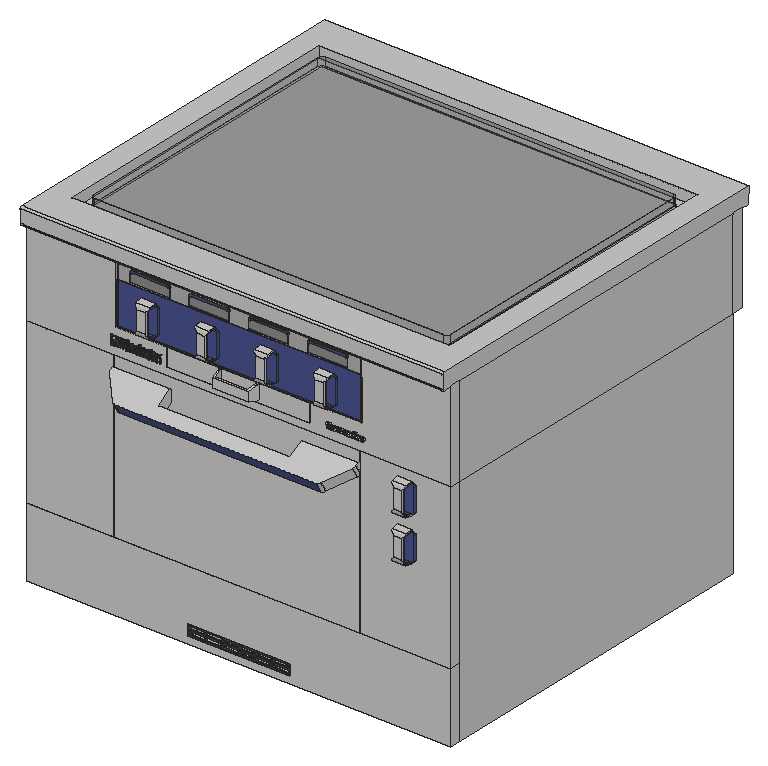
Revit family "QF_ELECTROLUXPROFESSIONAL_589655_MCLLFAJ8AO", category Attrezzature speciali, Revit 2020 (continued)
Definition of nested family "Front_Panel_W1000_Four Knobs"
  Definition of nested family "ELX_Professional_Logo_Small"
    Forms (mm)
      Extrusion 2, solid, material <- "Material_Logo"
        sketch origin (15.5, 0, 0) x (1, 0, 0) y (0, 1, 0)
          loop
            spline (-21.915, 1.897) -> (-21.957, 2.615) -> (-22.082, 3.303) -> (-22.285, 3.955) -> (-22.563, 4.564) -> (-22.913, 5.124) -> (-23.331, 5.629) -> (-23.814, 6.074) -> (-24.359, 6.451) -> (-24.961, 6.755) -> (-25.618, 6.98) -> (-26.326, 7.119) -> (-27.081, 7.167)
            spline (-27.081, 7.167) -> (-27.853, 7.122) -> (-28.586, 6.99) -> (-29.275, 6.774) -> (-29.915, 6.478) -> (-30.5, 6.104) -> (-31.024, 5.657) -> (-31.483, 5.138) -> (-31.871, 4.553) -> (-32.182, 3.904) -> (-32.411, 3.194) -> (-32.552, 2.427) -> (-32.6, 1.606)
            spline (-32.6, 1.606) -> (-32.553, 0.805) -> (-32.416, 0.057) -> (-32.193, -0.637) -> (-31.887, -1.271) -> (-31.504, -1.843) -> (-31.048, -2.35) -> (-30.523, -2.788) -> (-29.934, -3.154) -> (-29.284, -3.444) -> (-28.579, -3.656) -> (-27.822, -3.785) -> (-27.019, -3.829)
            spline (-27.019, -3.829) -> (-26.627, -3.82) -> (-26.239, -3.79) -> (-25.856, -3.739) -> (-25.477, -3.663) -> (-25.103, -3.562) -> (-24.734, -3.432) -> (-24.369, -3.273) -> (-24.01, -3.082) -> (-23.655, -2.858) -> (-23.305, -2.597) -> (-22.96, -2.299) -> (-22.621, -1.962)
            line (-22.621, -1.962) -> (-24.114, -0.509)
            spline (-24.114, -0.509) -> (-24.311, -0.699) -> (-24.509, -0.872) -> (-24.71, -1.03) -> (-24.915, -1.172) -> (-25.126, -1.297) -> (-25.346, -1.407) -> (-25.576, -1.5) -> (-25.817, -1.576) -> (-26.072, -1.636) -> (-26.342, -1.678) -> (-26.629, -1.704) -> (-26.936, -1.713)
            spline (-26.936, -1.713) -> (-27.384, -1.691) -> (-27.805, -1.625) -> (-28.196, -1.518) -> (-28.556, -1.372) -> (-28.882, -1.187) -> (-29.174, -0.966) -> (-29.429, -0.71) -> (-29.645, -0.422) -> (-29.821, -0.102) -> (-29.955, 0.247) -> (-30.045, 0.623) -> (-30.089, 1.026)
            line (-30.089, 1.026) -> (-21.956, 1.026) -> (-21.915, 1.897)
          loop
            spline (-24.446, 2.769) -> (-24.47, 3.075) -> (-24.54, 3.37) -> (-24.654, 3.65) -> (-24.807, 3.913) -> (-24.996, 4.156) -> (-25.219, 4.376) -> (-25.472, 4.57) -> (-25.753, 4.736) -> (-26.057, 4.869) -> (-26.382, 4.968) -> (-26.724, 5.03) -> (-27.081, 5.051)
            spline (-27.081, 5.051) -> (-27.464, 5.03) -> (-27.832, 4.97) -> (-28.183, 4.872) -> (-28.513, 4.74) -> (-28.819, 4.577) -> (-29.099, 4.384) -> (-29.347, 4.165) -> (-29.563, 3.923) -> (-29.742, 3.659) -> (-29.881, 3.377) -> (-29.977, 3.079) -> (-30.027, 2.769)
            line (-30.027, 2.769) -> (-24.446, 2.769)
          loop
            spline (-18.167, 1.669) -> (-18.138, 2.13) -> (-18.055, 2.567) -> (-17.921, 2.978) -> (-17.739, 3.358) -> (-17.512, 3.705) -> (-17.243, 4.016) -> (-16.937, 4.287) -> (-16.596, 4.517) -> (-16.223, 4.7) -> (-15.823, 4.835) -> (-15.398, 4.919) -> (-14.951, 4.947)
            spline (-14.951, 4.947) -> (-14.677, 4.938) -> (-14.414, 4.913) -> (-14.162, 4.871) -> (-13.921, 4.812) -> (-13.69, 4.738) -> (-13.467, 4.649) -> (-13.254, 4.544) -> (-13.048, 4.424) -> (-12.85, 4.291) -> (-12.659, 4.143) -> (-12.474, 3.981) -> (-12.295, 3.806)
            line (-12.295, 3.806) -> (-10.76, 5.403)
            spline (-10.76, 5.403) -> (-11.065, 5.709) -> (-11.38, 5.984) -> (-11.703, 6.228) -> (-12.035, 6.443) -> (-12.375, 6.63) -> (-12.723, 6.788) -> (-13.078, 6.92) -> (-13.44, 7.026) -> (-13.809, 7.107) -> (-14.184, 7.164) -> (-14.564, 7.198) -> (-14.951, 7.209)
            spline (-14.951, 7.209) -> (-15.725, 7.161) -> (-16.467, 7.02) -> (-17.169, 6.792) -> (-17.826, 6.482) -> (-18.43, 6.096) -> (-18.976, 5.637) -> (-19.455, 5.112) -> (-19.862, 4.525) -> (-20.19, 3.882) -> (-20.433, 3.189) -> (-20.584, 2.449) -> (-20.635, 1.669)
            spline (-20.635, 1.669) -> (-20.584, 0.889) -> (-20.433, 0.149) -> (-20.19, -0.545) -> (-19.862, -1.187) -> (-19.455, -1.774) -> (-18.976, -2.299) -> (-18.43, -2.758) -> (-17.826, -3.145) -> (-17.169, -3.454) -> (-16.467, -3.682) -> (-15.725, -3.823) -> (-14.951, -3.871)
            spline (-14.951, -3.871) -> (-14.564, -3.86) -> (-14.184, -3.826) -> (-13.809, -3.77) -> (-13.44, -3.689) -> (-13.078, -3.583) -> (-12.723, -3.451) -> (-12.375, -3.292) -> (-12.035, -3.105) -> (-11.703, -2.89) -> (-11.38, -2.646) -> (-11.065, -2.371) -> (-10.76, -2.066)
            line (-10.76, -2.066) -> (-12.295, -0.468)
            spline (-12.295, -0.468) -> (-12.474, -0.643) -> (-12.659, -0.805) -> (-12.85, -0.953) -> (-13.048, -1.087) -> (-13.254, -1.206) -> (-13.467, -1.311) -> (-13.69, -1.4) -> (-13.921, -1.475) -> (-14.162, -1.533) -> (-14.414, -1.575) -> (-14.677, -1.6) -> (-14.951, -1.609)
            spline (-14.951, -1.609) -> (-15.398, -1.581) -> (-15.823, -1.497) -> (-16.223, -1.362) -> (-16.596, -1.179) -> (-16.937, -0.95) -> (-17.243, -0.678) -> (-17.512, -0.367) -> (-17.739, -0.02) -> (-17.921, 0.36) -> (-18.055, 0.771) -> (-18.138, 1.208) -> (-18.167, 1.669)
          loop
            spline (-4.441, -1.243) -> (-4.659, -1.247) -> (-4.894, -1.23) -> (-5.137, -1.19) -> (-5.384, -1.121) -> (-5.628, -1.021) -> (-5.864, -0.884) -> (-6.084, -0.708) -> (-6.283, -0.488) -> (-6.454, -0.219) -> (-6.592, 0.101) -> (-6.69, 0.478) -> (-6.742, 0.914)
            line (-6.742, 0.914) -> (-6.742, 4.587) -> (-4.487, 4.587) -> (-4.487, 6.838) -> (-6.738, 6.838) -> (-6.738, 10.824) -> (-9.217, 10.824) -> (-9.217, 0.773)
            spline (-9.217, 0.773) -> (-9.164, 0.19) -> (-9.068, -0.358) -> (-8.928, -0.87) -> (-8.742, -1.343) -> (-8.511, -1.777) -> (-8.232, -2.168) -> (-7.904, -2.515) -> (-7.527, -2.816) -> (-7.098, -3.069) -> (-6.618, -3.273) -> (-6.084, -3.426) -> (-5.496, -3.525)
            line (-5.496, -3.525) -> (-4.45, -3.573) -> (-4.441, -1.243)
          loop
            spline (3.898, 6.983) -> (3.469, 7.009) -> (3.056, 7.001) -> (2.661, 6.961) -> (2.283, 6.888) -> (1.925, 6.785) -> (1.588, 6.652) -> (1.272, 6.49) -> (0.979, 6.301) -> (0.71, 6.085) -> (0.465, 5.844) -> (0.247, 5.578) -> (0.056, 5.289)
            line (0.056, 5.289) -> (0.056, 6.838) -> (-2.402, 6.838) -> (-2.402, -3.572) -> (0.056, -3.572) -> (0.056, 1.901)
            spline (0.056, 1.901) -> (0.079, 2.316) -> (0.145, 2.703) -> (0.254, 3.06) -> (0.404, 3.386) -> (0.592, 3.679) -> (0.818, 3.938) -> (1.08, 4.162) -> (1.375, 4.348) -> (1.703, 4.495) -> (2.062, 4.602) -> (2.45, 4.668) -> (2.865, 4.69)
            line (2.865, 4.69) -> (3.898, 4.586) -> (3.898, 6.983)
          loop
            spline (15.638, 1.633) -> (15.586, 2.396) -> (15.435, 3.124) -> (15.192, 3.81) -> (14.863, 4.449) -> (14.455, 5.034) -> (13.975, 5.56) -> (13.43, 6.021) -> (12.826, 6.411) -> (12.17, 6.724) -> (11.469, 6.955) -> (10.729, 7.098) -> (9.958, 7.147)
            spline (9.958, 7.147) -> (9.182, 7.098) -> (8.44, 6.955) -> (7.737, 6.724) -> (7.081, 6.411) -> (6.477, 6.021) -> (5.933, 5.56) -> (5.454, 5.034) -> (5.048, 4.449) -> (4.721, 3.81) -> (4.479, 3.124) -> (4.329, 2.396) -> (4.277, 1.633)
            spline (4.277, 1.633) -> (4.329, 0.869) -> (4.479, 0.141) -> (4.721, -0.544) -> (5.048, -1.183) -> (5.454, -1.768) -> (5.933, -2.294) -> (6.477, -2.755) -> (7.081, -3.145) -> (7.737, -3.459) -> (8.44, -3.69) -> (9.182, -3.833) -> (9.958, -3.882)
            spline (9.958, -3.882) -> (10.729, -3.833) -> (11.469, -3.69) -> (12.17, -3.459) -> (12.826, -3.145) -> (13.43, -2.755) -> (13.975, -2.294) -> (14.455, -1.768) -> (14.863, -1.183) -> (15.192, -0.544) -> (15.435, 0.141) -> (15.586, 0.869) -> (15.638, 1.633)
          loop
            spline (13.18, 1.633) -> (13.151, 2.083) -> (13.067, 2.513) -> (12.932, 2.918) -> (12.748, 3.296) -> (12.52, 3.642) -> (12.251, 3.954) -> (11.943, 4.227) -> (11.601, 4.459) -> (11.228, 4.645) -> (10.828, 4.782) -> (10.403, 4.867) -> (9.958, 4.896)
            spline (9.958, 4.896) -> (9.509, 4.867) -> (9.081, 4.782) -> (8.679, 4.645) -> (8.306, 4.459) -> (7.964, 4.227) -> (7.658, 3.954) -> (7.39, 3.642) -> (7.163, 3.296) -> (6.981, 2.918) -> (6.847, 2.513) -> (6.765, 2.083) -> (6.736, 1.633)
            spline (6.736, 1.633) -> (6.765, 1.182) -> (6.847, 0.753) -> (6.981, 0.347) -> (7.163, -0.031) -> (7.39, -0.377) -> (7.658, -0.689) -> (7.964, -0.962) -> (8.306, -1.193) -> (8.679, -1.38) -> (9.081, -1.517) -> (9.509, -1.602) -> (9.958, -1.631)
            spline (9.958, -1.631) -> (10.403, -1.602) -> (10.828, -1.517) -> (11.228, -1.38) -> (11.601, -1.193) -> (11.943, -0.962) -> (12.251, -0.689) -> (12.52, -0.377) -> (12.748, -0.031) -> (12.932, 0.347) -> (13.067, 0.753) -> (13.151, 1.182) -> (13.18, 1.633)
          loop
            line (17.162, 4.269) -> (17.162, -3.573) -> (19.642, -3.573) -> (19.642, 10.824) -> (17.162, 10.824) -> (17.162, 4.269)
          loop
            line (28.581, 6.838) -> (28.581, 0.786)
            spline (28.581, 0.786) -> (28.561, 0.393) -> (28.503, 0.038) -> (28.409, -0.279) -> (28.281, -0.559) -> (28.122, -0.802) -> (27.933, -1.011) -> (27.717, -1.185) -> (27.476, -1.325) -> (27.213, -1.433) -> (26.929, -1.509) -> (26.626, -1.554) -> (26.308, -1.569)
            spline (26.308, -1.569) -> (25.99, -1.554) -> (25.688, -1.509) -> (25.404, -1.434) -> (25.141, -1.326) -> (24.9, -1.187) -> (24.684, -1.014) -> (24.496, -0.807) -> (24.336, -0.565) -> (24.209, -0.288) -> (24.115, 0.026) -> (24.057, 0.376) -> (24.037, 0.765)
            line (24.037, 0.765) -> (24.037, 6.838) -> (21.537, 6.838) -> (21.537, 0.558)
            spline (21.537, 0.558) -> (21.581, -0.153) -> (21.71, -0.8) -> (21.916, -1.384) -> (22.195, -1.904) -> (22.54, -2.362) -> (22.944, -2.757) -> (23.403, -3.09) -> (23.909, -3.362) -> (24.456, -3.572) -> (25.04, -3.722) -> (25.652, -3.811) -> (26.288, -3.841)
            spline (26.288, -3.841) -> (26.929, -3.811) -> (27.547, -3.72) -> (28.135, -3.568) -> (28.687, -3.355) -> (29.197, -3.079) -> (29.66, -2.741) -> (30.068, -2.341) -> (30.415, -1.877) -> (30.696, -1.349) -> (30.905, -0.757) -> (31.034, -0.101) -> (31.079, 0.621)
            line (31.079, 0.621) -> (31.079, 6.838) -> (28.581, 6.838)
          loop
            line (40.457, -0.243) -> (38.894, 1.942) -> (40.83, 4.579) -> (42.488, 6.837) -> (39.782, 6.837) -> (37.53, 3.719) -> (35.258, 6.837) -> (32.573, 6.837) -> (34.113, 4.731) -> (36.167, 1.922) -> (34.014, -1.076) -> (32.222, -3.573) -> (34.887, -3.573) -> (37.53, 0.104) -> (40.174, -3.573) -> (42.839, -3.573) -> (40.457, -0.243)
          loop
            line (-46.121, -5.837) -> (-48.039, -5.837) -> (-48.039, -10.814) -> (-47.016, -10.814) -> (-47.016, -9.128) -> (-46.121, -9.128)
            arc (-46.121, -9.128) -> (-44.476, -7.482) -> (-46.121, -5.837) r 1.645
          loop
            line (-46.163, -6.778) -> (-47.016, -6.778) -> (-47.016, -8.187) -> (-46.163, -8.187)
            arc (-46.163, -8.187) -> (-45.458, -7.482) -> (-46.163, -6.778) r 0.704
          loop
            line (-38.313, -5.837) -> (-40.265, -5.837) -> (-40.265, -10.814) -> (-39.241, -10.814) -> (-39.241, -9.1) -> (-38.46, -9.182) -> (-37.48, -10.814) -> (-36.318, -10.814) -> (-37.513, -8.848)
            arc (-37.513, -8.848) -> (-36.888, -8.266) -> (-36.671, -7.441) r 1.536
            arc (-36.671, -7.441) -> (-37.165, -6.305) -> (-38.313, -5.837) r 1.643
          loop
            arc (-38.402, -8.166) -> (-37.707, -7.505) -> (-38.334, -6.778) r 0.696
            line (-38.334, -6.778) -> (-39.241, -6.778) -> (-39.241, -8.166) -> (-38.402, -8.166)
          loop
            circle (-29.965, -8.325) r 2.585
          loop
            circle (-29.965, -8.325) r 1.64
          loop
            line (-23.1, -5.837) -> (-23.1, -10.814) -> (-22.076, -10.814) -> (-22.076, -8.768) -> (-20.204, -8.768) -> (-20.204, -7.828) -> (-22.076, -7.828) -> (-22.076, -6.778) -> (-20.024, -6.778) -> (-20.024, -5.837) -> (-23.1, -5.837)
          loop
            line (-15.802, -5.837) -> (-15.802, -9.2)
            arc (-15.802, -9.2) -> (-15.343, -10.34) -> (-14.209, -10.814) r 1.593
            line (-14.209, -10.814) -> (-12.602, -10.814) -> (-12.602, -10.027) -> (-14.004, -10.027)
            arc (-14.004, -10.027) -> (-14.552, -9.8) -> (-14.779, -9.252) r 0.775
            line (-14.779, -9.252) -> (-14.779, -8.424) -> (-12.789, -8.424) -> (-12.789, -7.642) -> (-14.779, -7.642) -> (-14.779, -6.778) -> (-12.651, -6.778) -> (-12.651, -5.837) -> (-15.802, -5.837)
          loop
            line (-5.909, -7.143) -> (-5.173, -6.638)
            arc (-5.173, -6.638) -> (-5.855, -5.974) -> (-6.781, -5.755) r 1.782
            arc (-6.781, -5.755) -> (-7.397, -5.878) -> (-7.944, -6.189) r 1.974
            arc (-7.944, -6.189) -> (-8.202, -6.5) -> (-8.317, -6.888) r 1.013
            arc (-8.317, -6.888) -> (-8.306, -7.341) -> (-8.192, -7.78) r 1.985
            arc (-8.192, -7.78) -> (-7.749, -8.259) -> (-7.171, -8.563) r 1.928
            arc (-7.171, -8.563) -> (-6.637, -8.779) -> (-6.131, -9.056) r 5.041
            arc (-6.131, -9.056) -> (-5.934, -9.387) -> (-6.09, -9.74) r 0.42
            arc (-6.09, -9.74) -> (-6.631, -9.96) -> (-7.204, -9.845) r 1.016
            arc (-7.204, -9.845) -> (-7.625, -9.603) -> (-7.889, -9.196) r 1.033
            line (-7.889, -9.196) -> (-8.67, -9.686)
            arc (-8.67, -9.686) -> (-8.361, -10.198) -> (-7.908, -10.589) r 1.914
            arc (-7.908, -10.589) -> (-7.334, -10.834) -> (-6.714, -10.896) r 2.063
            arc (-6.714, -10.896) -> (-5.947, -10.743) -> (-5.256, -10.376) r 2.696
            arc (-5.256, -10.376) -> (-4.95, -9.565) -> (-5.108, -8.712) r 1.618
            arc (-5.108, -8.712) -> (-5.448, -8.319) -> (-5.884, -8.035) r 1.876
            arc (-5.884, -8.035) -> (-6.434, -7.789) -> (-6.999, -7.577) r 9.883
            arc (-6.999, -7.577) -> (-7.325, -7.07) -> (-6.854, -6.694) r 0.45
            arc (-6.854, -6.694) -> (-6.329, -6.809) -> (-5.909, -7.143) r 1.197
          loop
            line (1.61, -7.143) -> (2.345, -6.638)
            arc (2.345, -6.638) -> (1.663, -5.974) -> (0.737, -5.755) r 1.782
            arc (0.737, -5.755) -> (0.121, -5.878) -> (-0.425, -6.189) r 1.974
            arc (-0.425, -6.189) -> (-0.683, -6.5) -> (-0.799, -6.888) r 1.013
            arc (-0.799, -6.888) -> (-0.788, -7.341) -> (-0.674, -7.78) r 1.985
            arc (-0.674, -7.78) -> (-0.231, -8.259) -> (0.347, -8.563) r 1.928
            arc (0.347, -8.563) -> (0.881, -8.779) -> (1.387, -9.056) r 5.041
            arc (1.387, -9.056) -> (1.584, -9.387) -> (1.428, -9.74) r 0.42
            arc (1.428, -9.74) -> (0.887, -9.96) -> (0.314, -9.845) r 1.016
            arc (0.314, -9.845) -> (-0.107, -9.603) -> (-0.371, -9.196) r 1.033
            line (-0.371, -9.196) -> (-1.152, -9.686)
            arc (-1.152, -9.686) -> (-0.842, -10.198) -> (-0.39, -10.589) r 1.914
            arc (-0.39, -10.589) -> (0.184, -10.834) -> (0.804, -10.896) r 2.063
            arc (0.804, -10.896) -> (1.572, -10.743) -> (2.263, -10.376) r 2.696
            arc (2.263, -10.376) -> (2.568, -9.565) -> (2.411, -8.712) r 1.618
            arc (2.411, -8.712) -> (2.07, -8.319) -> (1.635, -8.035) r 1.876
            arc (1.635, -8.035) -> (1.084, -7.789) -> (0.519, -7.577) r 9.883
            arc (0.519, -7.577) -> (0.193, -7.07) -> (0.665, -6.694) r 0.45
            arc (0.665, -6.694) -> (1.189, -6.809) -> (1.61, -7.143) r 1.197
          loop
            line (6.801, -5.837) -> (6.801, -10.814) -> (7.825, -10.814) -> (7.825, -5.837) -> (6.801, -5.837)
          loop
            circle (14.724, -8.325) r 1.548
          loop
            circle (14.724, -8.325) r 2.585
          loop
            line (21.59, -10.814) -> (22.623, -10.814) -> (22.623, -7.685) -> (24.9, -10.814) -> (25.895, -10.814) -> (25.895, -5.837) -> (24.861, -5.837) -> (24.861, -9.061) -> (22.585, -5.837) -> (21.59, -5.837) -> (21.59, -10.814)
          loop
            line (31.054, -10.814) -> (31.539, -9.74) -> (33.38, -9.74) -> (33.865, -10.814) -> (34.965, -10.814) -> (32.46, -5.837) -> (29.956, -10.814) -> (31.054, -10.814)
          loop
            line (32.46, -7.698) -> (31.999, -8.719) -> (32.921, -8.719) -> (32.46, -7.698)
          loop
            line (40.047, -9.873) -> (40.047, -5.837) -> (39.024, -5.837) -> (39.024, -10.814) -> (41.961, -10.814) -> (41.961, -9.873) -> (40.047, -9.873)
          loop
            line (-74.986, -10.814) -> (-53.322, -10.814) -> (-53.322, 10.82) -> (-74.986, 10.82) -> (-74.986, -10.814)
          loop
            line (-61.261, 9.758) -> (-61.261, -9.707)
            arc (-61.261, -9.707) -> (-54.066, 0.025) -> (-61.261, 9.758) r 10.18
          loop
            line (-62.251, 8.349) -> (-62.251, 9.758)
            arc (-62.251, 9.758) -> (-70.347, 7.918) -> (-74.247, 0.59) r 9.976
            line (-74.247, 0.59) -> (-71.026, 0.59)
            arc (-71.026, 0.59) -> (-65.274, 2.925) -> (-62.251, 8.349) r 9.351
          loop
            arc (-74.247, -0.539) -> (-70.353, -7.928) -> (-62.251, -9.957) r 10.237
            line (-62.251, -9.957) -> (-62.251, -8.298)
            arc (-62.251, -8.298) -> (-65.274, -2.874) -> (-71.026, -0.539) r 9.351
            line (-71.026, -0.539) -> (-74.247, -0.539)
        from 0 to 1.644
    Dimensions and locks
      aligned and locked: plane 2 to Extrusion 1
      aligned and locked: level to Extrusion 1
